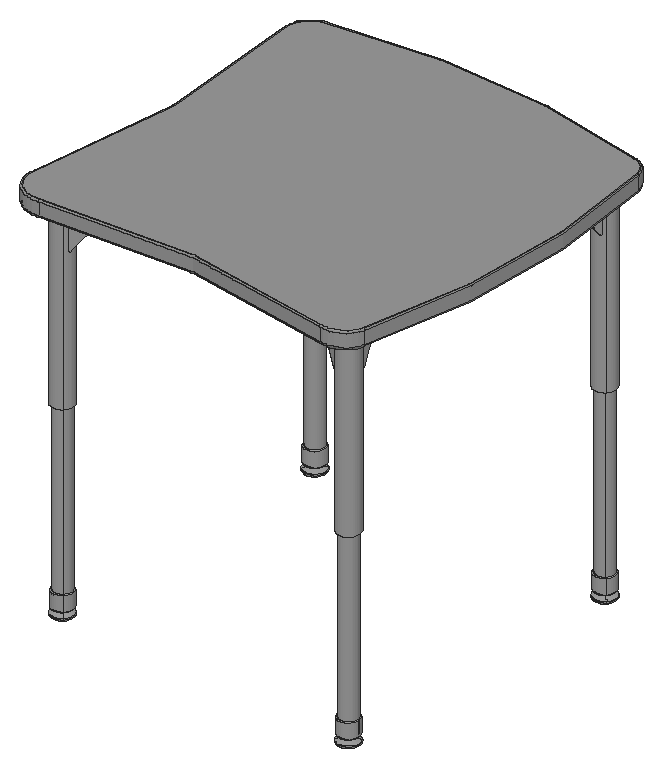
Revit family "Hierarchy Creator Square Table", category Furniture, Revit 2018
Family settings
  Work Plane-Based = No
  Always vertical = Yes
  Cut with Voids When Loaded = No
  Shared = No
  Room Calculation Point = No
Parameters
  Table Height = 2' - 5"
  Surface = Hierarchy Creator Square Table Surface
  Leg Finish = Hierarchy Leg Platinum
  Edgeband = Hierarchy Creator Square Table Edgeband
  Caster/Glide = Hierarchy Leg - Glide : Hierarchy Leg - Glide
Reference planes (in)
  plane 1 "Center (Front/Back)": y = 0
  plane 2: z = 0
  plane 3 "Center (Left/Right)": x = 0
  plane 4 "Table Height": z = 29
Dimensions and locks (in)
  "Table Height": plane 4 "Table Height" to level
  aligned and locked: plane 2 to level
  aligned and locked: nested 1 to plane 4 "Table Height"
Nested families (in)
  nested 1: "Creator Square Tabletop" at (0, 0, 1.85825), type "Creator Square Tabletop"
  nested 2: "Hierarchy Leg - Glide" at (-12.11533, 13.32396, 0) x (0.7071, 0.7071, 0) z (0, 0, 1), type <- "Caster/Glide", Leg Finish <- "Leg Finish", Leg Height <- "Table Height", type "Hierarchy Leg - Glide"
  nested 3: "Hierarchy Leg - Glide" at (-12.92219, -10.42013, 0) x (-0.7071, 0.7071, 0) z (0, 0, 1), type <- "Caster/Glide", Leg Finish <- "Leg Finish", Leg Height <- "Table Height", type "Hierarchy Leg - Glide"
  nested 4: "Hierarchy Leg - Glide" at (10.70904, -11.9148, 0) x (-0.8, -0.6, 0) z (0, 0, 1), Leg Finish <- "Leg Finish", Leg Height <- "Table Height", type "Hierarchy Leg - Glide"
    with Leg Height 2' - 5", Leg Finish Hierarchy Leg Platinum
  nested 5: "Hierarchy Leg - Glide" at (11.68714, 12.00247, 0) x (0.7071, -0.7071, 0) z (0, 0, 1), Leg Finish <- "Leg Finish", Leg Height <- "Table Height", type "Hierarchy Leg - Glide"
    with Leg Height 2' - 5", Leg Finish Hierarchy Leg Platinum
Definition of nested family "Creator Square Tabletop"
  Parameters (values of type "Creator Square Tabletop")
    Surface = none
    Edgeband = none
  Reference planes (in)
    plane 1 "Center (Front/Back)": y = 0
    plane 2: z = 0
    plane 3 "Center (Left/Right)": x = 0
  Forms (in)
    Extrusion 1, solid, material <- "Surface"
      sketch origin (-0.56575, 3.43167, 0) x (1, 0, 0) y (0, 1, 0)
        loop
          arc (-13.92341, 9.82192) -> (-13.13724, -1.85993) -> (-14.72069, -13.45984) r 57.81225
          arc (-14.72069, -13.45984) -> (-14.20369, -15.48798) -> (-12.23602, -16.20137) r 2.23752
          arc (-12.23602, -16.20137) -> (-0.53661, -15.76515) -> (11.0101, -17.69906) r 57.71099
          arc (11.0101, -17.69906) -> (12.41063, -17.52272) -> (13.27603, -16.40752) r 1.84386
          arc (13.27603, -16.40752) -> (15.2536, -3.72631) -> (14.35391, 9.0766) r 57.19887
          arc (14.35391, 9.0766) -> (13.90693, 9.98023) -> (13.05168, 10.51396) r 1.84475
          arc (13.05168, 10.51396) -> (0.39948, 12.66928) -> (-12.41478, 11.94942) r 57.20066
          arc (-12.41478, 11.94942) -> (-13.60974, 11.19814) -> (-13.92341, 9.82192) r 1.84413
      from 27.14175 to 28.39175
    Sweep 2, solid, material <- "Edgeband"
      path in 3D
        loop
          arc (12.48593, 13.94563, 28.39175) -> (13.34119, 13.4119, 28.39175) -> (13.78816, 12.50827, 28.39175) r 1.84475
          arc (13.78816, 12.50827, 28.39175) -> (14.68786, -0.29464, 28.39175) -> (12.71028, -12.97585, 28.39175) r 57.19887
          arc (12.71028, -12.97585, 28.39175) -> (11.84488, -14.09105, 28.39175) -> (10.44435, -14.26739, 28.39175) r 1.84386
          arc (10.44435, -14.26739, 28.39175) -> (-1.10236, -12.33348, 28.39175) -> (-12.80177, -12.7697, 28.39175) r 57.71099
          arc (-12.80177, -12.7697, 28.39175) -> (-14.76944, -12.05631, 28.39175) -> (-15.28644, -10.02817, 28.39175) r 2.23752
          arc (-15.28644, -10.02817, 28.39175) -> (-13.70299, 1.57174, 28.39175) -> (-14.48916, 13.25359, 28.39175) r 57.81225
          arc (-14.48916, 13.25359, 28.39175) -> (-14.17549, 14.62981, 28.39175) -> (-12.98053, 15.38109, 28.39175) r 1.84413
          arc (-12.98053, 15.38109, 28.39175) -> (-0.16627, 16.10095, 28.39175) -> (12.48593, 13.94563, 28.39175) r 57.20066
      profile origin (-0.16627, 16.10095, 28.39175) x (0.056277, 0.998415, 0) y (0, 0, 1)
        loop
          arc (0, -1.25) -> (0.08643, -1.2142) -> (0.12223, -1.12777) r 0.12223
          line (0.12223, -1.12777) -> (0.12223, -0.12223)
          arc (0.12223, -0.12223) -> (0.08643, -0.0358) -> (0, 0) r 0.12223
          line (0, 0) -> (0, -1.25)
  Lines and regions (in)
    sketch lines
      curve 1: arc (-12.98053, 15.38109, 28.39175) -> (-0.16627, 16.10095, 28.39175) -> (12.48593, 13.94563, 28.39175) r 57.20066
      curve 2: arc (12.48593, 13.94563, 28.39175) -> (13.34119, 13.4119, 28.39175) -> (13.78816, 12.50827, 28.39175) r 1.84475
      curve 3: arc (13.78816, 12.50827, 28.39175) -> (14.68786, -0.29464, 28.39175) -> (12.71028, -12.97585, 28.39175) r 57.19887
      curve 4: arc (12.71028, -12.97585, 28.39175) -> (11.84488, -14.09105, 28.39175) -> (10.44435, -14.26739, 28.39175) r 1.84386
      curve 5: arc (10.44435, -14.26739, 28.39175) -> (-1.10236, -12.33348, 28.39175) -> (-12.80177, -12.7697, 28.39175) r 57.71099
      curve 6: arc (-12.80177, -12.7697, 28.39175) -> (-14.76944, -12.05631, 28.39175) -> (-15.28644, -10.02817, 28.39175) r 2.23752
      curve 7: arc (-15.28662, -10.02893, 28.39175) -> (-13.70299, 1.57174, 28.39175) -> (-14.48916, 13.25359, 28.39175) r 57.81225
      curve 8: arc (-14.48916, 13.25359, 28.39175) -> (-14.17549, 14.62981, 28.39175) -> (-12.98053, 15.38109, 28.39175) r 1.84413
  Dimensions and locks (in)
    aligned and locked: plane 2 to level
Definition of nested family "Hierarchy Leg - Glide"
  Parameters (values of type "Hierarchy Leg - Glide")
    Leg Finish [instance] = none
    Leg Height [instance] = 2' - 5"
  Reference planes (in)
    plane 1 "Center (Front/Back)": y = 0
    plane 2: z = 0
    plane 3 "Center (Left/Right)": x = 0
  Forms (in)
    Extrusion 1, solid
      sketch origin (-0.01562, 0, 0) x (1, 0, 0) y (0, 1, 0)
        loop
          circle (0.01563, 0) r 0.67016
      from 0.67618 to 16.17618
    Revolve 2, solid
      sketch origin (0, 0, 0) x (1, 0, 0) y (0, 0, 1)
        loop
          line (-0.73189, 1.80118) -> (-0.79439, 1.73867) -> (-0.79439, 0.61381) -> (-0.73176, 0.55118) -> (-0.125, 0.55118) -> (-0.125, 0.42618) -> (-0.84656, 0.16241) -> (-0.84656, 0.08994) -> (-0.81359, 0) -> (0, 0) -> (0, 1.80118) -> (-0.73189, 1.80118)
        axis (0, 1.80118) -> (0, 0)
      angle from 0 to 360
  Dimensions and locks (in)
    "Leg Height": nested 1 to level
    aligned and locked: plane 2 to level
  Automatic sketch dimensions
    plane 1 "Center (Front/Back)" to Extrusion 1 sketch curve = 0' - 0"
    Extrusion 1 sketch curve to plane 3 "Center (Left/Right)" = 0' - 0"
    Revolve 2 sketch curve to level = 0' - 0"
    Revolve 2 sketch curve to plane 3 "Center (Left/Right)" = 0' - 0"  (x2)
    Revolve 2 sketch curve to plane 3 "Center (Left/Right)" = 0' - 0 1/8"
    Revolve 2 sketch curve to Revolve 2 sketch curve = 0' - 0.60676"
    Revolve 2 sketch curve to Revolve 2 sketch curve = 0' - 0.73189"
    Revolve 2 sketch curve to Revolve 2 sketch curve = 0' - 0.06263"  (x2)
    Revolve 2 sketch curve to Revolve 2 sketch curve = 0' - 0.08183"
    Revolve 2 sketch curve to Revolve 2 sketch curve = 0' - 0.03297"
    level to Revolve 2 sketch curve = 0' - 0.08994"
    Revolve 2 sketch curve to Revolve 2 sketch curve = 0' - 0.07247"
    level to Revolve 2 sketch curve = 0' - 0.42618"
    Revolve 2 sketch curve to Revolve 2 sketch curve = 0' - 0 1/8"
    Revolve 2 sketch curve to Revolve 2 sketch curve = 0' - 1.12486"
    Revolve 2 sketch curve to Revolve 2 sketch curve = 0' - 0 1/16"
    Revolve 2 sketch curve to level = 2' - 0"
    Revolve 2 sketch curve to Revolve 2 sketch curve = 8' - 4.91764"
    radius of Extrusion 1 sketch curve = 0' - 0.67016"
  Nested families (in)
    nested 1: "Hierarchy Upper Leg 2023" at (0, 0, 1.19783), Shapes Leg Finish <- "Leg Finish", type "Hierarchy Upper Leg 2023"
      with Shapes Leg Finish none
  Definition of nested family "Hierarchy Upper Leg 2023"
    Parameters (values of type "Hierarchy Upper Leg 2023")
      Shapes Leg Finish [instance] = none
    Reference planes (in)
      plane 1 "Center (Front/Back)": y = 0
      plane 2: z = 0
      plane 3 "Center (Left/Right)": x = 0
    Forms (in)
      Extrusion 1, solid, material <- "Shapes Leg Finish"
        sketch origin (0, 0, 0) x (1, 0, 0) y (0, 1, 0)
          loop
            circle (0, 0) r 0.84802
        from 13.67618 to 27.67618
      Extrusion 2, solid, material <- "Shapes Leg Finish"
        sketch origin (0, 0, 0) x (1, 0, 0) y (0, 1, 0)
          loop
            line (-1.70174, 0.19183) -> (-2.88626, -2.26116)
            arc (-2.88626, -2.26116) -> (-2.83993, -3.09822) -> (-2.1063, -3.50394) r 0.86614
            line (-2.1063, -3.50394) -> (2.1063, -3.50394)
            arc (2.1063, -3.50394) -> (2.83993, -3.09822) -> (2.88626, -2.26116) r 0.86614
            line (2.88626, -2.26116) -> (1.70174, 0.19183)
            arc (1.70174, 0.19183) -> (0, 1.25984) -> (-1.70174, 0.19183) r 1.88976
        from 27.67618 to 27.80217
      Extrusion 3, solid, material <- "Shapes Leg Finish"
        sketch origin (-1.48519, 8.66524, 0) x (-0.434844, 0.900506, 0) y (0, 0, 1)
          loop
            line (-9.01425, 27.67618) -> (-11.80952, 27.67618)
            arc (-11.80952, 27.67618) -> (-11.92325, 27.58993) -> (-11.87088, 27.45715) r 0.11811
            arc (-11.87088, 27.45715) -> (-10.39364, 26.29679) -> (-9.23328, 24.81955) r 7.87402
            arc (-9.23328, 24.81955) -> (-9.1005, 24.76717) -> (-9.01425, 24.88091) r 0.11811
            line (-9.01425, 24.88091) -> (-9.01425, 27.67618)
        from -1.94075 to -1.81476
      Extrusion 4, solid, material <- "Shapes Leg Finish"
        sketch origin (1.48519, 8.66524, 0) x (0.434844, 0.900506, 0) y (0, 0, -1)
          loop
            line (-9.01425, -27.67618) -> (-9.01425, -24.88091)
            arc (-9.01425, -24.88091) -> (-9.1005, -24.76717) -> (-9.23328, -24.81955) r 0.11811
            arc (-9.23328, -24.81955) -> (-10.39364, -26.29679) -> (-11.87088, -27.45715) r 7.87402
            arc (-11.87088, -27.45715) -> (-11.92325, -27.58993) -> (-11.80952, -27.67618) r 0.11811
            line (-11.80952, -27.67618) -> (-9.01425, -27.67618)
        from -1.94075 to -1.81476
    Dimensions and locks (in)
      aligned and locked: plane 2 to level
